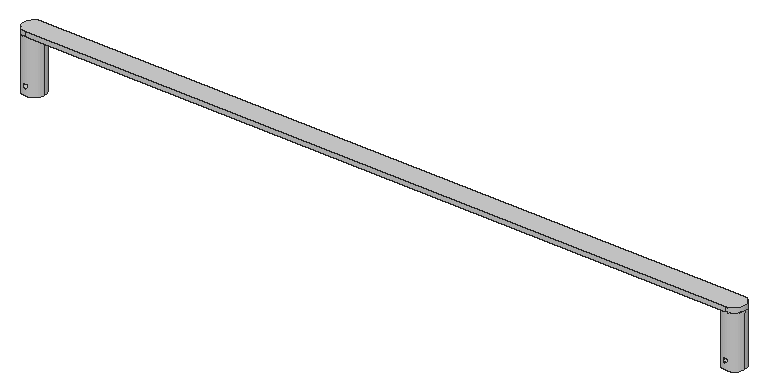
Revit family "Urbane II Single Towel Rail", category Specialty Equipment, host Face, Revit 2019
Family settings
  Host = Face
  Round Connector Dimension = Use Radius
  Part Type = Normal
  OmniClass Number = 23.40.20.21.27
  OmniClass Title = Towel Bars
  Cut with Voids When Loaded = No
  Shared = No
  Room Calculation Point = No
Parameters (values of type "Urbane II Single Towel Rail - Chrome")
  URL = "https://www.caroma.com.au/"
  RailWidth = 800 mm
  Model = "99617C"
  Material_Base = GWA_Metal-Chrome
  Manufacturer = "GWA Bathrooms & Kitchens"  # constant formula
  Description = "Urbane II Single Towel Rail - Chrome"
  Default Elevation = 1000 mm
  CreatedBy_ANZRS = "GWA Bathrooms & Kitchens"  # constant formula
  Assembly Code = "C1030220"
Types (6, lengths in mm): name | Model | Material_Base | Description
  (no name) | "99617C" | GWA_Metal-Chrome | "Urbane II Single Towel Rail - Chrome"
  Urbane II Single Towel Rail - Chrome | "99617C" | GWA_Metal-Chrome | "Urbane II Single Towel Rail - Chrome"
  Urbane II Single Towel Rail - Matte Black | "99617B" | GWA-Metal-Black | "Urbane II Single Towel Rail - Matte Black"
  Urbane II Single Towel Rail  - Brushed Brass | "99617BR" | GWA_Metal-Brushed-Brass | "Urbane II Single Towel Rail  - Brushed Brass"
  Urbane II Single Towel Rail - Gunmetal | "99617GM" | GWA-Metal-Gunmetal Grey | "Urbane II Single Towel Rail - Gunmetal"
  Urbane II Single Towel Rail - Brushed Nickel | "99617BN" | GWA_Metal-Brushed-Nickel | "Urbane II Single Towel Rail - Brushed Nickel"
Reference planes
  plane 1 "Center (Front/Back)": y = 0
  plane 2: z = 0
  plane 3 "Center (Left/Right)": x = 0
  plane 4 "LeftSupport": x = -400
  plane 5 "RightSupport": x = 400
  plane 6 "Rail": z = 60
Forms (mm)
  Extrusion 1, solid, material "GWA_Metal-Chrome" <- "Material_Base"
    sketch origin (0, 0, 0) x (1, 0, 0) y (0, 1, 0)
      loop
        circle (-400, 0) r 12.5
    from 0 to 60
  Extrusion 2, solid, material "GWA_Metal-Chrome" <- "Material_Base"
    sketch origin (0, 0, 0) x (1, 0, 0) y (0, 1, 0)
      loop
        circle (400, 0) r 12.5
    from 0 to 60
  Extrusion 3, solid, material "GWA_Metal-Chrome" <- "Material_Base"
    sketch origin (0, 0, 60) x (-1, 0, 0) y (0, -1, 0)
      loop
        arc (400, -12.5) -> (412.5, 0) -> (400, 12.5) r 12.5
        line (400, 12.5) -> (-400, 12.5)
        arc (-400, 12.5) -> (-412.5, 0) -> (-400, -12.5) r 12.5
        line (-400, -12.5) -> (400, -12.5)
    from 0 to 5
  Extrusion 4, void
    sketch origin (0, 0, 0) x (1, 0, 0) y (0, 0, 1)
      loop
        circle (-400, 10) r 2.5
    from 0 to 30
  Extrusion 5, void
    sketch origin (0, 0, 0) x (-1, 0, 0) y (0, 0, -1)
      loop
        circle (-400, -10) r 2.5
    from 0 to 30
Cuts and joins
  Extrusion 4, Extrusion 5 cuts Extrusion 1
  Extrusion 5 cuts Extrusion 2
  joined: Extrusion 1, Extrusion 2
  Extrusion 5 cuts Extrusion 3
Lines and regions (mm)
  Masking region 1
    outline origin (0, 0, 60) x (-1, 0, 0) y (0, -1, 0)
      loop
        line (-400, -12.5) -> (400, -12.5)
        arc (400, -12.5) -> (412.5, 0) -> (400, 12.5) r 12.5
        line (400, 12.5) -> (-400, 12.5)
        arc (-400, 12.5) -> (-412.5, 0) -> (-400, -12.5) r 12.5
  Masking region 2
    outline origin (400, 0, 0) x (0, 1, 0) y (0, 0, 1)
      loop
        line (-12.5, 65) -> (-12.5, 0) -> (12.5, 0) -> (12.5, 65) -> (-12.5, 65)
  Masking region 3
    outline origin (0, 0, 0) x (1, 0, 0) y (0, 0, 1)
      loop
        line (-412.5, 65) -> (-412.5, 0) -> (-387.5, 0) -> (-387.5, 60) -> (387.5, 60) -> (387.5, 0) -> (412.5, 0) -> (412.5, 65) -> (-412.5, 65)
  symbolic lines
    curve 1: arc (-400, 12.5, 60) -> (-412.5, 0, 60) -> (-400, -12.5, 60) r 12.5
    curve 2: line (400, 12.5, 60) -> (-400, 12.5, 60)
    curve 3: line (400, -12.5, 60) -> (-400, -12.5, 60)
    curve 4: arc (400, -12.5, 60) -> (412.5, 0, 60) -> (400, 12.5, 60) r 12.5
    curve 5: line (412.5, 0, 60) -> (412.5, 0, 0)
    curve 6: line (412.5, 0, 0) -> (387.5, 0, 0)
    curve 7: line (387.5, 0, 0) -> (387.5, 0, 60)
    curve 8: line (412.5, 0, 65) -> (-412.5, 0, 65)
    curve 9: line (412.5, 0, 60) -> (412.5, 0, 65)
    curve 10: line (-412.5, 0, 60) -> (412.5, 0, 60)
    curve 11: line (-412.5, 0, 65) -> (-412.5, 0, 60)
    curve 12: line (-412.5, 0, 60) -> (-412.5, 0, 0)
    curve 13: line (-387.5, 0, 0) -> (-387.5, 0, 60)
    curve 14: line (-412.5, 0, 0) -> (-387.5, 0, 0)
    curve 15: line (400, -12.5, 65) -> (400, 12.5, 65)
    curve 16: line (400, -12.5, 60) -> (400, -12.5, 65)
    curve 17: line (400, 12.5, 60) -> (400, -12.5, 60)
    curve 18: line (400, 12.5, 65) -> (400, 12.5, 60)
    curve 19: line (400, -12.5, 0) -> (400, -12.5, 60)
    curve 20: line (400, 12.5, 0) -> (400, -12.5, 0)
    curve 21: line (400, 12.5, 60) -> (400, 12.5, 0)
Dimensions and locks
  "RailWidth": plane 4 "LeftSupport" to plane 5 "RightSupport"
  equal spacing: plane 4 "LeftSupport", plane 3 "Center (Left/Right)", plane 5 "RightSupport"
  aligned and locked: plane 2 to host face
  aligned and locked: level to host face
Automatic sketch dimensions
  host sketch curve to host sketch curve = 2438.4 mm  (x2)
  plane 1 "Center (Front/Back)" to Extrusion 1 sketch curve = 0 mm
  Extrusion 1 sketch curve to plane 4 "LeftSupport" = 0 mm
  plane 1 "Center (Front/Back)" to Extrusion 2 sketch curve = 0 mm
  Extrusion 2 sketch curve to plane 5 "RightSupport" = 0 mm
  Extrusion 3 sketch curve to plane 5 "RightSupport" = 0 mm
  Extrusion 3 sketch curve to plane 4 "LeftSupport" = 0 mm
  plane 1 "Center (Front/Back)" to Extrusion 3 sketch curve = 0 mm
  Extrusion 3 sketch curve to plane 1 "Center (Front/Back)" = 12.5 mm
  Extrusion 4 sketch curve to plane 4 "LeftSupport" = 0 mm
  level to Extrusion 4 sketch curve = 10 mm
  Extrusion 5 sketch curve to plane 5 "RightSupport" = 0 mm
  Extrusion 5 sketch curve to level = 10 mm
  curve 1 to plane 4 "LeftSupport" = 0 mm
  plane 1 "Center (Front/Back)" to curve 4 = 12.5 mm
  curve 3 to plane 5 "RightSupport" = 0 mm
  plane 1 "Center (Front/Back)" to curve 4 = 0 mm
  Masking region 1 sketch curve to plane 5 "RightSupport" = 0 mm
  Masking region 1 sketch curve to plane 4 "LeftSupport" = 0 mm
  plane 1 "Center (Front/Back)" to Masking region 1 sketch curve = 0 mm
  Masking region 1 sketch curve to Masking region 1 sketch curve = 12.5 mm
  curve 11 to plane 6 "Rail" = 0 mm
  curve 14 to level = 0 mm
  curve 7 to level = 0 mm
  plane 6 "Rail" to curve 11 = 5 mm
  curve 11 to plane 4 "LeftSupport" = 12.5 mm
  plane 4 "LeftSupport" to curve 13 = 12.5 mm
  curve 7 to plane 5 "RightSupport" = 12.5 mm
  plane 5 "RightSupport" to curve 9 = 12.5 mm
  curve 13 to curve 13 = 60 mm
  curve 20 to level = 0 mm
  curve 19 to plane 6 "Rail" = 0 mm
  plane 6 "Rail" to curve 15 = 5 mm
  plane 1 "Center (Front/Back)" to curve 15 = 12.5 mm
  curve 17 to plane 1 "Center (Front/Back)" = 12.5 mm
  Masking region 2 sketch curve to level = 0 mm
  plane 1 "Center (Front/Back)" to Masking region 2 sketch curve = 12.5 mm
  Masking region 2 sketch curve to plane 1 "Center (Front/Back)" = 12.5 mm
  plane 6 "Rail" to Masking region 2 sketch curve = 5 mm
  curve 7 to plane 6 "Rail" = 0 mm
  Masking region 3 sketch curve to level = 0 mm  (x2)
  Masking region 3 sketch curve to plane 6 "Rail" = 0 mm
  plane 6 "Rail" to Masking region 3 sketch curve = 5 mm
  Masking region 3 sketch curve to plane 4 "LeftSupport" = 12.5 mm
  plane 4 "LeftSupport" to Masking region 3 sketch curve = 12.5 mm
  Masking region 3 sketch curve to plane 5 "RightSupport" = 12.5 mm
  plane 5 "RightSupport" to Masking region 3 sketch curve = 12.5 mm
  radius of Extrusion 1 sketch curve = 12.5 mm
  radius of Extrusion 2 sketch curve = 12.5 mm
  radius of Extrusion 4 sketch curve = 2.5 mm
  radius of Extrusion 5 sketch curve = 2.5 mm
